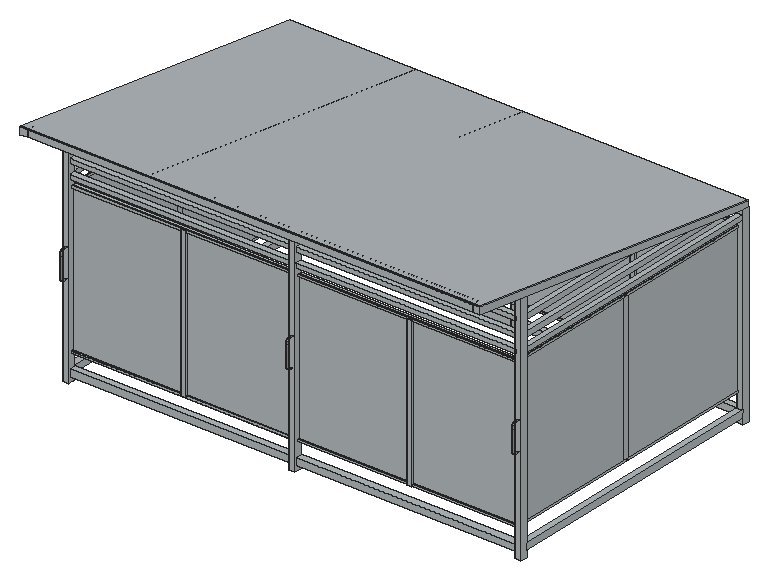
Revit family "8061917 - Nova Steel Post Straight Tin Roof Galvanised – Sunken Foundation", category Furniture, Revit 2020
Family settings
  OmniClass Number = 23.21.23.13.15
  Work Plane-Based = No
  Always vertical = Yes
  Cut with Voids When Loaded = No
  Shared = No
  Room Calculation Point = No
Parameters (values of type "8061917 Galvanised")
  Uniclass 1.4 Description = "Furniture"
  Uniclass 1.4 Code = "L8211"
  URL = "https://www.hags.com/"
  QR code = ""
  Product url = "https://www.hags.com/en-us/park-urban/bicycle-storage/nova-cycle-shed/steel-post-sunken-foundation-gate-for-straight-roof-oct-2016-galvanised"
  Product name = "Nova Steel Post Straight Tin Roof Galvanised – Sunken Foundation"
  Product data url = ""
  Product SKU = ""
  Product Guid = "90e49432-c870-4a59-897e-b15016e8f9bd"
  OmniClass Description = ""
  OmniClass Code = "23-21 23 13 15"
  Model = "8043687"
  Manufacturer name = "HAGS"
  Manufacturer = "Hags"
  IFC Classification = "Furniture"
  Edition number = 1
  Description = "Steel Post Straight Tin Roof Galvanised "  # constant formula
  Default Elevation = 0 mm
  Construction material = Hags - Steel - Galvanized
  Body material_90 = Hags - Steel - Mesh
  Body material = Hags - Steel - Galvanized
  BIMobject category = "bicycle-storage"
Reference planes
  plane 1 "Center (Front/Back)": y = 0
  plane 2: z = 0
  plane 3 "Center (Left/Right)": x = 0
Forms (mm)
  Extrusion 1, solid, material "Hags - Steel - Galvanized" <- "Construction material"
    sketch origin (0, 0, 0) x (1, 0, 0) y (0, 1, 0)
      loop
        line (2304.823, 1564.875) -> (2244.823, 1564.875) -> (2244.823, 1504.875) -> (2304.823, 1504.875) -> (2304.823, 1564.875)
      loop
        line (2247.823, 1561.875) -> (2247.823, 1507.875) -> (2301.823, 1507.875) -> (2301.823, 1561.875) -> (2247.823, 1561.875)
    from 0 to 1764.748
  Extrusion 2, solid, material "Hags - Steel - Galvanized" <- "Construction material"
    sketch origin (-4140, 0, 0) x (1, 0, 0) y (0, 1, 0)
      loop
        line (2304.823, 1564.875) -> (2244.823, 1564.875) -> (2244.823, 1504.875) -> (2304.823, 1504.875) -> (2304.823, 1564.875)
      loop
        line (2247.823, 1561.875) -> (2247.823, 1507.875) -> (2301.823, 1507.875) -> (2301.823, 1561.875) -> (2247.823, 1561.875)
    from 0 to 1800
  Extrusion 3, solid, material "Hags - Steel - Galvanized" <- "Construction material"
    sketch origin (0, -2540, 0) x (1, 0, 0) y (0, 1, 0)
      loop
        line (2304.823, 1564.875) -> (2244.823, 1564.875) -> (2244.823, 1504.875) -> (2304.823, 1504.875) -> (2304.823, 1564.875)
      loop
        line (2247.823, 1561.875) -> (2247.823, 1507.875) -> (2301.823, 1507.875) -> (2301.823, 1561.875) -> (2247.823, 1561.875)
    from 0 to 2200
  Extrusion 4, solid, material "Hags - Steel - Galvanized" <- "Construction material"
    sketch origin (-4140, -2540, 0) x (1, 0, 0) y (0, 1, 0)
      loop
        line (2304.823, 1564.875) -> (2244.823, 1564.875) -> (2244.823, 1504.875) -> (2304.823, 1504.875) -> (2304.823, 1564.875)
      loop
        line (2247.823, 1561.875) -> (2247.823, 1507.875) -> (2301.823, 1507.875) -> (2301.823, 1561.875) -> (2247.823, 1561.875)
    from 0 to 2200
  Extrusion 5, solid, material "Hags - Steel - Galvanized" <- "Construction material"
    sketch origin (0, 0, 1720) x (1, 0, 0) y (0, 1, 0)
      loop
        line (-1835.177, 1564.875) -> (-1835.177, 1504.875) -> (2244.823, 1504.875) -> (2244.823, 1564.875) -> (-1835.177, 1564.875)
    from 0 to 92.5
  Extrusion 6, solid, material "Hags - Steel - Galvanized" <- "Construction material"
    sketch origin (-1895, 0, 12.5) x (0, 1, 0) y (0, 0, 1)
      loop
        line (-1507.214, 2214.85) -> (1564.875, 1739.285) -> (1564.875, 1800) -> (-1507.214, 2275.565) -> (-1507.214, 2214.85)
    from -8.457 to 60
  Extrusion 7, solid, material "Hags - Steel - Galvanized" <- "Construction material"
    sketch origin (0, 0, 60) x (1, 0, 0) y (0, 1, 0)
      loop
        line (-1835.177, 1564.875) -> (-1835.177, 1504.875) -> (2244.823, 1504.875) -> (2244.823, 1564.875) -> (-1835.177, 1564.875)
    from 0 to 60
  Extrusion 8, solid, material "Hags - Steel - Galvanized" <- "Construction material"
    sketch origin (739.949, -315.401, 60) x (0, -1, 0) y (1, 0, 0)
      loop
        line (-1820.276, 1564.875) -> (-1820.276, 1504.875) -> (659.724, 1504.875) -> (659.724, 1564.875) -> (-1820.276, 1564.875)
    from 0 to 60
  Extrusion 9, solid, material "Hags - Steel - Galvanized" <- "Construction material"
    sketch origin (-3399.875, -315.401, 60) x (0, -1, 0) y (1, 0, 0)
      loop
        line (-1820.276, 1564.875) -> (-1820.276, 1504.875) -> (659.724, 1504.875) -> (659.724, 1564.875) -> (-1820.276, 1564.875)
    from 0 to 60
  Extrusion 10, solid, material "Hags - Steel - Galvanized" <- "Construction material"
    sketch origin (0.177, -3012.088, 2228.119) x (1, 0, 0) y (0, 1, 0)
      loop
        line (-1835.177, 1564.875) -> (-1835.177, 1504.875) -> (2236.189, 1504.875) -> (2236.189, 1564.875) -> (-1835.177, 1564.875)
    from 0 to 57.667
  Extrusion 11, solid, material "Hags - Steel - Galvanized" <- "Construction material"
    sketch origin (0.177, -2539.912, 2079.994) x (1, 0, 0) y (0, 1, 0)
      loop
        line (-1835.177, 1564.875) -> (-1835.177, 1504.875) -> (2244.823, 1504.875) -> (2244.823, 1564.875) -> (-1835.177, 1564.875)
    from 0 to 60
  Extrusion 12, solid, material "Hags - Steel - Galvanized" <- "Construction material"
    sketch origin (-2070, 0, 0) x (1, 0, 0) y (0, 1, 0)
      loop
        line (2304.823, 1564.875) -> (2244.823, 1564.875) -> (2244.823, 1504.875) -> (2304.823, 1504.875) -> (2304.823, 1564.875)
      loop
        line (2247.823, 1561.875) -> (2247.823, 1507.875) -> (2301.823, 1507.875) -> (2301.823, 1561.875) -> (2247.823, 1561.875)
    from 0 to 1764.748
  Extrusion 13, solid, material "Hags - Steel - Galvanized" <- "Construction material"
    sketch origin (2244.823, 0, 12.5) x (0, 1, 0) y (0, 0, 1)
      loop
        line (-1507.214, 2214.85) -> (1564.875, 1739.285) -> (1564.875, 1800) -> (-1507.214, 2275.565) -> (-1507.214, 2214.85)
    from -8.457 to 60
  Extrusion 14, solid, material "Hags - Steel - Galvanized" <- "Construction material"
    sketch origin (-805.059, 0, 12.5) x (0, 1, 0) y (0, 0, 1)
      loop
        line (-1500.037, 2213.739) -> (1564.875, 1739.285) -> (1564.875, 1800) -> (-1500.037, 2274.454) -> (-1500.037, 2213.739)
    from -8.457 to 60
  Extrusion 15, solid, material "Hags - Steel - Galvanized" <- "Construction material"
    sketch origin (178.632, 0, 12.5) x (0, 1, 0) y (0, 0, 1)
      loop
        line (-1500.037, 2213.739) -> (1564.875, 1739.285) -> (1564.875, 1800) -> (-1500.037, 2274.454) -> (-1500.037, 2213.739)
    from -8.457 to 60
  Extrusion 16, solid, material "Hags - Steel - Mesh" <- "Body material_90"
    sketch origin (-1651.71, 3857.005, 0) x (1, 0, 0) y (0, 1, 0)
      loop
        line (-183.467, -2290.881) -> (-183.467, -2310.881) -> (3896.533, -2310.881) -> (3896.533, -2290.881) -> (-183.467, -2290.881)
    from 244.94 to 1615.805
  Extrusion 17, solid, material "Hags - Steel - Galvanized" <- "Construction material"
    sketch origin (-4.531, -1301.546, 0) x (1, 0, 0) y (0, 1, 0)
      loop
        line (2259.654, 1551.611) -> (2246.053, 1551.611) -> (2246.053, 1509.267) -> (2259.654, 1509.267) -> (2259.654, 1551.611)
      loop
        line (2246.877, 1549.894) -> (2246.877, 1510.412) -> (2258.818, 1510.412) -> (2258.818, 1549.894) -> (2246.877, 1549.894)
    from 244.94 to 1615.805
  Extrusion 18, solid, material "Hags - Steel - Mesh" <- "Body material_90"
    sketch origin (4555.391, 1322.158, 0) x (0, -1, 0) y (1, 0, 0)
      loop
        line (-183.467, -2304.42) -> (-183.467, -2310.881) -> (2297.283, -2310.881) -> (2297.283, -2304.42) -> (-183.467, -2304.42)
    from 244.94 to 1615.805
  Extrusion 19, solid, material "Hags - Steel - Galvanized" <- "Construction material"
    sketch origin (-4.531, 1214.578, -1277.879) x (1, 0, 0) y (0, 0, 1)
      loop
        line (2259.654, 1540.083) -> (2246.053, 1540.083) -> (2246.053, 1521.421) -> (2259.654, 1521.421) -> (2259.654, 1540.083)
      loop
        line (2246.877, 1539.364) -> (2246.877, 1522.187) -> (2258.818, 1522.187) -> (2258.818, 1539.364) -> (2246.877, 1539.364)
    from -293.296 to 2189.704
  Extrusion 20, solid, material "Hags - Steel - Galvanized" <- "Construction material"
    sketch origin (-4.531, 1209.704, 78.371) x (1, 0, 0) y (0, 0, 1)
      loop
        line (2259.654, 1540.083) -> (2246.053, 1540.083) -> (2246.053, 1521.421) -> (2259.654, 1521.421) -> (2259.654, 1540.083)
      loop
        line (2246.877, 1539.364) -> (2246.877, 1522.187) -> (2258.818, 1522.187) -> (2258.818, 1539.364) -> (2246.877, 1539.364)
    from -293.296 to 2189.704
  Extrusion 21, solid, material "Hags - Steel - Galvanized" <- "Construction material"
    sketch origin (-4093.553, -1301.546, 0) x (1, 0, 0) y (0, 1, 0)
      loop
        line (2259.654, 1551.611) -> (2246.053, 1551.611) -> (2246.053, 1509.267) -> (2259.654, 1509.267) -> (2259.654, 1551.611)
      loop
        line (2246.877, 1549.894) -> (2246.877, 1510.412) -> (2258.818, 1510.412) -> (2258.818, 1549.894) -> (2246.877, 1549.894)
    from 244.94 to 1615.805
  Extrusion 22, solid, material "Hags - Steel - Mesh" <- "Body material_90"
    sketch origin (466.369, 1322.158, 0) x (0, -1, 0) y (1, 0, 0)
      loop
        line (-183.467, -2304.42) -> (-183.467, -2310.881) -> (2297.283, -2310.881) -> (2297.283, -2304.42) -> (-183.467, -2304.42)
    from 244.94 to 1615.805
  Extrusion 23, solid, material "Hags - Steel - Galvanized" <- "Construction material"
    sketch origin (-4093.553, 1214.578, -1277.879) x (1, 0, 0) y (0, 0, 1)
      loop
        line (2259.654, 1540.083) -> (2246.053, 1540.083) -> (2246.053, 1521.421) -> (2259.654, 1521.421) -> (2259.654, 1540.083)
      loop
        line (2246.877, 1539.364) -> (2246.877, 1522.187) -> (2258.818, 1522.187) -> (2258.818, 1539.364) -> (2246.877, 1539.364)
    from -293.296 to 2189.704
  Extrusion 24, solid, material "Hags - Steel - Galvanized" <- "Construction material"
    sketch origin (-4093.553, 1209.704, 78.371) x (1, 0, 0) y (0, 0, 1)
      loop
        line (2259.654, 1540.083) -> (2246.053, 1540.083) -> (2246.053, 1521.421) -> (2259.654, 1521.421) -> (2259.654, 1540.083)
      loop
        line (2246.877, 1539.364) -> (2246.877, 1522.187) -> (2258.818, 1522.187) -> (2258.818, 1539.364) -> (2246.877, 1539.364)
    from -293.296 to 2189.704
  Extrusion 25, solid, material "Hags - Steel - Galvanized" <- "Construction material"
    sketch origin (-265.062, 3797.327, 0) x (0, -1, 0) y (1, 0, 0)
      loop
        line (2259.654, 1551.611) -> (2246.053, 1551.611) -> (2246.053, 1509.267) -> (2259.654, 1509.267) -> (2259.654, 1551.611)
      loop
        line (2246.877, 1549.894) -> (2246.877, 1510.412) -> (2258.818, 1510.412) -> (2258.818, 1549.894) -> (2246.877, 1549.894)
    from 244.94 to 1615.805
  Extrusion 26, solid, material "Hags - Steel - Galvanized" <- "Construction material"
    sketch origin (2251.062, 3797.327, -1277.879) x (0, -1, 0) y (0, 0, 1)
      loop
        line (2259.654, 1540.083) -> (2246.053, 1540.083) -> (2246.053, 1521.421) -> (2259.654, 1521.421) -> (2259.654, 1540.083)
      loop
        line (2246.877, 1539.364) -> (2246.877, 1522.187) -> (2258.818, 1522.187) -> (2258.818, 1539.364) -> (2246.877, 1539.364)
    from 9.54 to 2019.239
  Extrusion 27, solid, material "Hags - Steel - Galvanized" <- "Construction material"
    sketch origin (2246.188, 3797.327, 78.371) x (0, -1, 0) y (0, 0, 1)
      loop
        line (2259.654, 1540.083) -> (2246.053, 1540.083) -> (2246.053, 1521.421) -> (2259.654, 1521.421) -> (2259.654, 1540.083)
      loop
        line (2246.877, 1539.364) -> (2246.877, 1522.187) -> (2258.818, 1522.187) -> (2258.818, 1539.364) -> (2246.877, 1539.364)
    from 9.822 to 2011.365
  Extrusion 28, solid, material "Hags - Steel - Galvanized" <- "Construction material"
    sketch origin (1240, 0.037, 12.5) x (0, 1, 0) y (0, 0, 1)
      loop
        line (-1500.037, 2213.739) -> (1564.875, 1739.285) -> (1564.875, 1800) -> (-1500.037, 2274.454) -> (-1500.037, 2213.739)
    from -8.457 to 60
  Extrusion 29, solid, material "Hags - Steel - Galvanized" <- "Construction material"
    sketch origin (-2330.785, 3797.327, 0) x (0, -1, 0) y (1, 0, 0)
      loop
        line (2259.654, 1551.611) -> (2246.053, 1551.611) -> (2246.053, 1509.267) -> (2259.654, 1509.267) -> (2259.654, 1551.611)
      loop
        line (2246.877, 1549.894) -> (2246.877, 1510.412) -> (2258.818, 1510.412) -> (2258.818, 1549.894) -> (2246.877, 1549.894)
    from 244.94 to 1615.805
  Extrusion 30, solid, material "Hags - Steel - Galvanized" <- "Construction material"
    sketch origin (185.34, 3797.327, -1277.879) x (0, -1, 0) y (0, 0, 1)
      loop
        line (2259.654, 1540.083) -> (2246.053, 1540.083) -> (2246.053, 1521.421) -> (2259.654, 1521.421) -> (2259.654, 1540.083)
      loop
        line (2246.877, 1539.364) -> (2246.877, 1522.187) -> (2258.818, 1522.187) -> (2258.818, 1539.364) -> (2246.877, 1539.364)
    from 9.54 to 2019.239
  Extrusion 31, solid, material "Hags - Steel - Galvanized" <- "Construction material"
    sketch origin (180.465, 3797.327, 78.371) x (0, -1, 0) y (0, 0, 1)
      loop
        line (2259.654, 1540.083) -> (2246.053, 1540.083) -> (2246.053, 1521.421) -> (2259.654, 1521.421) -> (2259.654, 1540.083)
      loop
        line (2246.877, 1539.364) -> (2246.877, 1522.187) -> (2258.818, 1522.187) -> (2258.818, 1539.364) -> (2246.877, 1539.364)
    from 9.822 to 2011.365
  Extrusion 32, solid, material "Hags - Steel - Galvanized" <- "Construction material"
    sketch origin (17.969, 1212.704, 178.371) x (1, 0, 0) y (0, 0, 1)
      loop
        line (2281.014, 1542.518) -> (2236.014, 1542.518) -> (2236.014, 1497.518) -> (2281.014, 1497.518) -> (2281.014, 1542.518)
    from -293.296 to 2189.704
  Extrusion 33, solid, material "Hags - Steel - Galvanized" <- "Construction material"
    sketch origin (17.969, 1215.704, 308.371) x (1, 0, 0) y (0, 0, 1)
      loop
        line (2281.014, 1542.518) -> (2236.014, 1542.518) -> (2236.014, 1497.518) -> (2281.014, 1497.518) -> (2281.014, 1542.518)
    from 0.86 to 2193.829
  Extrusion 34, solid, material "Hags - Steel - Galvanized" <- "Construction material"
    sketch origin (17.969, 1208.673, 448.371) x (1, 0, 0) y (0, 0, 1)
      loop
        line (2281.014, 1542.518) -> (2236.014, 1542.518) -> (2236.014, 1497.518) -> (2281.014, 1497.518) -> (2281.014, 1542.518)
    from 839.806 to 2193.829
  Extrusion 35, solid, material "Hags - Steel - Galvanized" <- "Construction material"
    sketch origin (-1535.713, -3265.873, 178.371) x (0, 1, 0) y (0, 0, 1)
      loop
        line (2281.014, 1542.518) -> (2236.014, 1542.518) -> (2236.014, 1497.518) -> (2281.014, 1497.518) -> (2281.014, 1542.518)
    from -302.464 to 3790.836
  Extrusion 36, solid, material "Hags - Steel - Galvanized" <- "Construction material"
    sketch origin (-1538.713, -3265.873, 308.371) x (0, 1, 0) y (0, 0, 1)
      loop
        line (2281.014, 1542.518) -> (2236.014, 1542.518) -> (2236.014, 1497.518) -> (2281.014, 1497.518) -> (2281.014, 1542.518)
    from -298.787 to 3786.536
  Extrusion 37, solid, material "Hags - Steel - Galvanized" <- "Construction material"
    sketch origin (-1531.682, -3265.873, 448.371) x (0, 1, 0) y (0, 0, 1)
      loop
        line (2281.014, 1542.518) -> (2236.014, 1542.518) -> (2236.014, 1497.518) -> (2281.014, 1497.518) -> (2281.014, 1542.518)
    from -305.818 to 3786.805
  Extrusion 38, solid, material "Hags - Steel - Galvanized" <- "Construction material"
    sketch origin (584.776, -2535.893, 60) x (1, 0, 0) y (0, 1, 0)
      loop
        line (-2479.953, 1564.875) -> (-2479.953, 1504.875) -> (1663.047, 1504.875) -> (1663.047, 1564.875) -> (-2479.953, 1564.875)
    from 0 to 60
  Extrusion 39, solid, material "Hags - Steel - Galvanized" <- "Construction material"
    sketch origin (-4122.031, 1212.704, 178.371) x (1, 0, 0) y (0, 0, 1)
      loop
        line (2281.014, 1542.518) -> (2236.014, 1542.518) -> (2236.014, 1497.518) -> (2281.014, 1497.518) -> (2281.014, 1542.518)
    from -293.296 to 2189.704
  Extrusion 40, solid, material "Hags - Steel - Galvanized" <- "Construction material"
    sketch origin (-4122.031, 1215.704, 308.371) x (1, 0, 0) y (0, 0, 1)
      loop
        line (2281.014, 1542.518) -> (2236.014, 1542.518) -> (2236.014, 1497.518) -> (2281.014, 1497.518) -> (2281.014, 1542.518)
    from 0.86 to 2193.829
  Extrusion 41, solid, material "Hags - Steel - Galvanized" <- "Construction material"
    sketch origin (-4122.031, 1208.673, 448.371) x (1, 0, 0) y (0, 0, 1)
      loop
        line (2281.014, 1542.518) -> (2236.014, 1542.518) -> (2236.014, 1497.518) -> (2281.014, 1497.518) -> (2281.014, 1542.518)
    from 839.806 to 2193.829
  Extrusion 42, solid, material "Hags - Steel - Galvanized" <- "Construction material"
    sketch origin (-2070, -2540, 0) x (1, 0, 0) y (0, 1, 0)
      loop
        line (2304.823, 1564.875) -> (2244.823, 1564.875) -> (2244.823, 1504.875) -> (2304.823, 1504.875) -> (2304.823, 1564.875)
      loop
        line (2247.823, 1561.875) -> (2247.823, 1507.875) -> (2301.823, 1507.875) -> (2301.823, 1561.875) -> (2247.823, 1561.875)
    from 0 to 2079.994
  Extrusion 43, solid, material "Hags - Steel - Mesh" <- "Body material_90"
    sketch origin (-1651.71, 1317.005, 0) x (1, 0, 0) y (0, 1, 0)
      loop
        line (-183.467, -2290.881) -> (-183.467, -2310.881) -> (3896.533, -2310.881) -> (3896.533, -2290.881) -> (-183.467, -2290.881)
    from 244.94 to 1615.805
  Extrusion 44, solid, material "Hags - Steel - Galvanized" <- "Construction material"
    sketch origin (2246.188, 1244.827, 78.371) x (0, -1, 0) y (0, 0, 1)
      loop
        line (2259.654, 1540.083) -> (2246.053, 1540.083) -> (2246.053, 1521.421) -> (2259.654, 1521.421) -> (2259.654, 1540.083)
      loop
        line (2246.877, 1539.364) -> (2246.877, 1522.187) -> (2258.818, 1522.187) -> (2258.818, 1539.364) -> (2246.877, 1539.364)
    from 9.822 to 2011.365
  Extrusion 45, solid, material "Hags - Steel - Galvanized" <- "Construction material"
    sketch origin (-2330.785, 1239.827, 0) x (0, -1, 0) y (1, 0, 0)
      loop
        line (2259.654, 1551.611) -> (2246.053, 1551.611) -> (2246.053, 1509.267) -> (2259.654, 1509.267) -> (2259.654, 1551.611)
      loop
        line (2246.877, 1549.894) -> (2246.877, 1510.412) -> (2258.818, 1510.412) -> (2258.818, 1549.894) -> (2246.877, 1549.894)
    from 244.94 to 1615.805
  Extrusion 46, solid, material "Hags - Steel - Galvanized" <- "Construction material"
    sketch origin (180.465, 1244.827, 78.371) x (0, -1, 0) y (0, 0, 1)
      loop
        line (2259.654, 1540.083) -> (2246.053, 1540.083) -> (2246.053, 1521.421) -> (2259.654, 1521.421) -> (2259.654, 1540.083)
      loop
        line (2246.877, 1539.364) -> (2246.877, 1522.187) -> (2258.818, 1522.187) -> (2258.818, 1539.364) -> (2246.877, 1539.364)
    from 9.822 to 2011.365
  Extrusion 47, solid, material "Hags - Steel - Galvanized" <- "Construction material"
    sketch origin (2246.188, 1244.827, -1276.481) x (0, -1, 0) y (0, 0, 1)
      loop
        line (2259.654, 1540.083) -> (2246.053, 1540.083) -> (2246.053, 1521.421) -> (2259.654, 1521.421) -> (2259.654, 1540.083)
      loop
        line (2246.877, 1539.364) -> (2246.877, 1522.187) -> (2258.818, 1522.187) -> (2258.818, 1539.364) -> (2246.877, 1539.364)
    from 9.822 to 2011.365
  Extrusion 48, solid, material "Hags - Steel - Galvanized" <- "Construction material"
    sketch origin (180.465, 1244.827, -1276.481) x (0, -1, 0) y (0, 0, 1)
      loop
        line (2259.654, 1540.083) -> (2246.053, 1540.083) -> (2246.053, 1521.421) -> (2259.654, 1521.421) -> (2259.654, 1540.083)
      loop
        line (2246.877, 1539.364) -> (2246.877, 1522.187) -> (2258.818, 1522.187) -> (2258.818, 1539.364) -> (2246.877, 1539.364)
    from 9.822 to 2011.365
  Extrusion 49, solid, material "Hags - Steel - Galvanized" <- "Construction material"
    sketch origin (-262.718, 1239.827, 0) x (0, -1, 0) y (1, 0, 0)
      loop
        line (2259.654, 1551.611) -> (2246.053, 1551.611) -> (2246.053, 1509.267) -> (2259.654, 1509.267) -> (2259.654, 1551.611)
      loop
        line (2246.877, 1549.894) -> (2246.877, 1510.412) -> (2258.818, 1510.412) -> (2258.818, 1549.894) -> (2246.877, 1549.894)
    from 244.94 to 1615.805
  Sweep 50, solid, material "Hags - Steel - Galvanized" <- "Construction material"
    path origin (384.02, -1423.268, 2039.797) x (0, 1, 0) y (0, 0, 1)
      loop
        line (405.147, -932.367) -> (361.469, -932.367) -> (350.56, -935.29) -> (343.818, -938.725) -> (335.147, -949.14) -> (335.147, -975.037) -> (335.147, -1172.823) -> (342.416, -1180.092) -> (355.137, -1188.041) -> (371.059, -1192.158) -> (406.059, -1192.158)
    profile origin (384.02, -1039.96, 1107.43) x (0, 0, -1) y (1, 0, 0)
      loop
        circle (0, -180.784) r 5
  Sweep 51, solid, material "Hags - Steel - Galvanized" <- "Construction material"
    path origin (2452.662, -1423.268, 2074.956) x (0, 1, 0) y (0, 0, 1)
      loop
        line (405.147, -932.367) -> (361.469, -932.367) -> (350.56, -935.29) -> (343.818, -938.725) -> (335.147, -949.14) -> (335.147, -975.037) -> (335.147, -1172.823) -> (342.416, -1180.092) -> (355.137, -1188.041) -> (371.059, -1192.158) -> (406.059, -1192.158)
    profile origin (2452.662, -1039.96, 1142.589) x (0, 0, -1) y (1, 0, 0)
      loop
        circle (0, -180.784) r 5
  Sweep 52, solid, material "Hags - Steel - Galvanized" <- "Construction material"
    path origin (-1685.98, -1423.268, 2039.797) x (0, 1, 0) y (0, 0, 1)
      loop
        line (405.147, -932.367) -> (361.469, -932.367) -> (350.56, -935.29) -> (343.818, -938.725) -> (335.147, -949.14) -> (335.147, -975.037) -> (335.147, -1172.823) -> (342.416, -1180.092) -> (355.137, -1188.041) -> (371.059, -1192.158) -> (406.059, -1192.158)
    profile origin (-1685.98, -1039.96, 1107.43) x (0, 0, -1) y (1, 0, 0)
      loop
        circle (0, -180.784) r 5
  Extrusion 53, solid, material "Hags - Steel - Galvanized" <- "Body material"
    sketch origin (0, -0.158, 0.007) x (0, 1, 0) y (0, 0, 1)
      loop
        line (-1507.214, 2288.119) -> (1564.891, 1812.552) -> (1564.891, 1820.706) -> (-1507.214, 2296.273) -> (-1507.214, 2288.119)
    from -1895.177 to 2304.823
Dimensions and locks
  aligned and locked: level to plane 2
